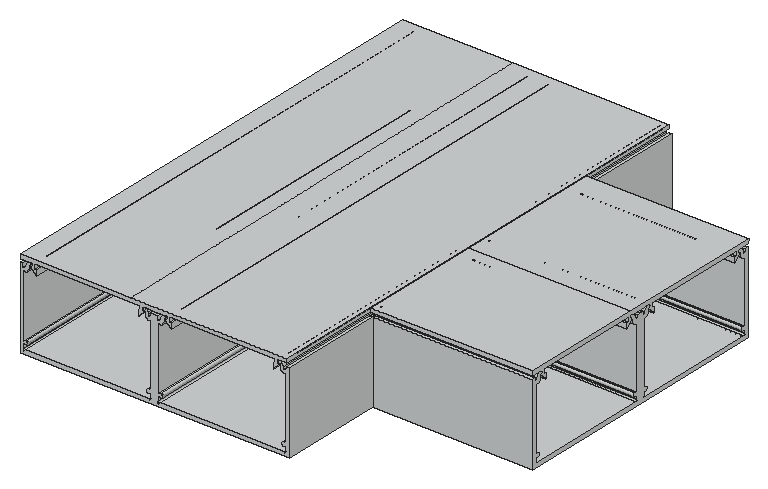
Revit family "Specialty_Equipment-Metal_Raceway-Hubbell_Wiring-Tee-HBLALU5015", category Specialty Equipment, host Face, Revit 2015
Parameters (values of type "HBLALU5015")
  URL = "http://www.hubbell-wiring.com/"
  Product data url = "https://bimobject.com/hubbellwiring/product/hubbell-metal-raceway-alu5000"
  Product Page URL = "http://ecatalog.hubbell-wiring.com/ProductInformation/ViewCatalog.aspx?Dest=hubbell-wiring.com/press/catalog/r.pdf"
  Product Documentation Link = "http://www.hubbell-wiring.com/press/pdfs/h5233r08.pdf"
  Model = "HBLALU5015"  # constant formula
  Manufacturer = "Hubbell Wiring Device Kellems"  # constant formula
  Host Note = "Add in Section View; Host to Wall"  # constant formula
  Description = "Tee"  # constant formula
  Default Elevation = 48.00"
  Cable Tray Material = Metal-Hubbell-Aluminum
  B = 8.08"
  Assembly Code = "D5090900"
  A = 9.00"
Reference planes (in)
  plane 1 "Center (Front/Back)": y = 0
  plane 2: z = 0
  plane 3 "Center (Left/Right)": x = 0
  plane 4: x = 2.54
  plane 5: y = -4.5
  plane 6: y = -9
  plane 7: x = 8.08
  plane 8: y = -6
  plane 9: y = -3
  plane 10: y = -1.5
  plane 11: y = -7.5
  plane 12: x = 5.08
  plane 13: x = 2.54
  plane 14: y = -1.96
  plane 15: y = -7.04
  plane 16: z = 1.66
  plane 17: z = 1.66
  plane 18: x = 5.08
Forms (in)
  Extrusion 1, solid, material "Metal-Hubbell-Aluminum" <- "Cable Tray Material"
    sketch origin (0, 0, 0) x (1, 0, 0) y (0, 0, 1)
      loop
        line (5.02263, 1.66) -> (2.08, 1.66) -> (0, 1.66) -> (0, 1.58519) -> (0.20605, 1.58519)
        arc (0.20605, 1.58519) -> (0.23356, 1.54322) -> (0.1907, 1.51711) r 0.03491
        line (0.1907, 1.51711) -> (0.3063, 1.40151) -> (0.3063, 1.50539) -> (0.27431, 1.50539) -> (0.27431, 1.58519) -> (2.25819, 1.58519) -> (2.25819, 1.50539) -> (2.2262, 1.50539) -> (2.2262, 1.40151) -> (2.34067, 1.51598)
        arc (2.34067, 1.51598) -> (2.30559, 1.55081) -> (2.3405, 1.58581) r 0.03491
        line (2.3405, 1.58581) -> (2.54, 1.58581) -> (2.74605, 1.58519)
        arc (2.74605, 1.58519) -> (2.77356, 1.54322) -> (2.7307, 1.51711) r 0.03491
        line (2.7307, 1.51711) -> (2.8463, 1.40151) -> (2.8463, 1.50539) -> (2.81431, 1.50539) -> (2.81431, 1.58519) -> (4.79819, 1.58519) -> (4.79819, 1.50539) -> (4.7662, 1.50539) -> (4.7662, 1.40151) -> (4.88067, 1.51598)
        arc (4.88067, 1.51598) -> (4.84559, 1.55081) -> (4.8805, 1.58581) r 0.03491
        line (4.8805, 1.58581) -> (5.02263, 1.58581) -> (5.02263, 1.66)
      loop
        line (2.08, 0) -> (5.08, 0) -> (5.08, 1.52447) -> (5.02263, 1.52447) -> (5.02263, 1.46462) -> (4.96028, 1.46462) -> (4.96028, 1.49617)
        arc (4.96028, 1.49617) -> (4.93965, 1.551) -> (4.88799, 1.57862) r 0.08316
        arc (4.88799, 1.57862) -> (4.85884, 1.54733) -> (4.89794, 1.53) r 0.02625
        line (4.89794, 1.53) -> (4.89794, 1.47958)
        arc (4.89794, 1.47958) -> (4.92919, 1.41749) -> (4.99769, 1.40561) r 0.07731
        line (4.99769, 1.40561) -> (4.99769, 0.23067) -> (4.95903, 0.23067)
        arc (4.95903, 0.23067) -> (4.92786, 0.1995) -> (4.95903, 0.16833) r 0.03117
        line (4.95903, 0.16833) -> (4.99769, 0.16833) -> (4.99769, 0.09738)
        arc (4.99769, 0.09738) -> (5.0082, 0.0643) -> (4.97512, 0.07481) r 0.01955
        line (4.97512, 0.07481) -> (2.63738, 0.07481)
        arc (2.63738, 0.07481) -> (2.60353, 0.06353) -> (2.61481, 0.09738) r 0.01995
        line (2.61481, 0.09738) -> (2.61481, 0.16833) -> (2.65347, 0.16833)
        arc (2.65347, 0.16833) -> (2.68464, 0.1995) -> (2.65347, 0.23067) r 0.03117
        line (2.65347, 0.23067) -> (2.61481, 0.23067) -> (2.61481, 1.40561)
        arc (2.61481, 1.40561) -> (2.68331, 1.41749) -> (2.71456, 1.47958) r 0.07731
        line (2.71456, 1.47958) -> (2.71456, 1.53)
        arc (2.71456, 1.53) -> (2.75354, 1.54743) -> (2.72437, 1.5786) r 0.02622
        arc (2.72437, 1.5786) -> (2.6728, 1.55094) -> (2.65222, 1.49617) r 0.08316
        line (2.65222, 1.49617) -> (2.65222, 1.46462) -> (2.58987, 1.46462) -> (2.58987, 1.52447) -> (2.54, 1.52447) -> (2.45769, 1.52447) -> (2.45769, 1.46462) -> (2.42028, 1.46462) -> (2.42028, 1.49617)
        arc (2.42028, 1.49617) -> (2.39965, 1.551) -> (2.34799, 1.57862) r 0.08316
        arc (2.34799, 1.57862) -> (2.31884, 1.54733) -> (2.35794, 1.53) r 0.02625
        line (2.35794, 1.53) -> (2.35794, 1.47958)
        arc (2.35794, 1.47958) -> (2.38919, 1.41749) -> (2.45769, 1.40561) r 0.07731
        line (2.45769, 1.40561) -> (2.45769, 0.23067) -> (2.41903, 0.23067)
        arc (2.41903, 0.23067) -> (2.38786, 0.1995) -> (2.41903, 0.16833) r 0.03117
        line (2.41903, 0.16833) -> (2.45769, 0.16833) -> (2.45769, 0.09738)
        arc (2.45769, 0.09738) -> (2.4682, 0.0643) -> (2.43512, 0.07481) r 0.01955
        line (2.43512, 0.07481) -> (0.09738, 0.07481)
        arc (0.09738, 0.07481) -> (0.06353, 0.06353) -> (0.07481, 0.09738) r 0.01995
        line (0.07481, 0.09738) -> (0.07481, 0.16833) -> (0.11347, 0.16833)
        arc (0.11347, 0.16833) -> (0.14464, 0.1995) -> (0.11347, 0.23067) r 0.03117
        line (0.11347, 0.23067) -> (0.07481, 0.23067) -> (0.07481, 1.40561)
        arc (0.07481, 1.40561) -> (0.14331, 1.41749) -> (0.17456, 1.47958) r 0.07731
        line (0.17456, 1.47958) -> (0.17456, 1.53)
        arc (0.17456, 1.53) -> (0.21354, 1.54743) -> (0.18437, 1.5786) r 0.02622
        arc (0.18437, 1.5786) -> (0.1328, 1.55094) -> (0.11222, 1.49617) r 0.08316
        line (0.11222, 1.49617) -> (0.11222, 1.46462) -> (0.04988, 1.46462) -> (0.04988, 1.52447) -> (0, 1.52447) -> (0, 0) -> (2.08, 0)
    from 0 to 9 <- "A"
  Extrusion 2, solid, material "Metal-Hubbell-Aluminum" <- "Cable Tray Material"
    sketch origin (0, -0.63252, -0.07542) x (0, 1, 0) y (0, 0, 1)
      loop
        line (-1.32748, 1.73542) -> (-4.09726, 1.73542) -> (-6.40748, 1.73542) -> (-6.40748, 1.6606) -> (-6.20143, 1.6606)
        arc (-6.20143, 1.6606) -> (-6.17392, 1.61863) -> (-6.21678, 1.59253) r 0.03491
        line (-6.21678, 1.59253) -> (-6.10118, 1.47692) -> (-6.10118, 1.5808) -> (-6.13317, 1.5808) -> (-6.13317, 1.6606) -> (-4.14929, 1.6606) -> (-4.14929, 1.5808) -> (-4.18128, 1.5808) -> (-4.18128, 1.47692) -> (-4.06681, 1.5914)
        arc (-4.06681, 1.5914) -> (-4.10189, 1.62622) -> (-4.06698, 1.66122) r 0.03491
        line (-4.06698, 1.66122) -> (-3.86748, 1.66122) -> (-3.66143, 1.6606)
        arc (-3.66143, 1.6606) -> (-3.63392, 1.61863) -> (-3.67678, 1.59253) r 0.03491
        line (-3.67678, 1.59253) -> (-3.56118, 1.47692) -> (-3.56118, 1.5808) -> (-3.59317, 1.5808) -> (-3.59317, 1.6606) -> (-1.60929, 1.6606) -> (-1.60929, 1.5808) -> (-1.64128, 1.5808) -> (-1.64128, 1.47692) -> (-1.52681, 1.5914)
        arc (-1.52681, 1.5914) -> (-1.56189, 1.62622) -> (-1.52698, 1.66122) r 0.03491
        line (-1.52698, 1.66122) -> (-1.32748, 1.66122) -> (-1.32748, 1.73542)
      loop
        line (-4.09726, 0.07542) -> (-1.32748, 0.07542) -> (-1.32748, 1.59989) -> (-1.38486, 1.59989) -> (-1.38486, 1.54004) -> (-1.4472, 1.54004) -> (-1.4472, 1.57159)
        arc (-1.4472, 1.57159) -> (-1.46783, 1.62641) -> (-1.51949, 1.65404) r 0.08316
        arc (-1.51949, 1.65404) -> (-1.54864, 1.62274) -> (-1.50954, 1.60542) r 0.02625
        line (-1.50954, 1.60542) -> (-1.50954, 1.555)
        arc (-1.50954, 1.555) -> (-1.47829, 1.4929) -> (-1.40979, 1.48102) r 0.07731
        line (-1.40979, 1.48102) -> (-1.40979, 0.30609) -> (-1.44845, 0.30609)
        arc (-1.44845, 0.30609) -> (-1.47962, 0.27492) -> (-1.44845, 0.24374) r 0.03117
        line (-1.44845, 0.24374) -> (-1.40979, 0.24374) -> (-1.40979, 0.1728)
        arc (-1.40979, 0.1728) -> (-1.39928, 0.13971) -> (-1.43236, 0.15023) r 0.01955
        line (-1.43236, 0.15023) -> (-3.7701, 0.15023)
        arc (-3.7701, 0.15023) -> (-3.80395, 0.13894) -> (-3.79267, 0.1728) r 0.01995
        line (-3.79267, 0.1728) -> (-3.79267, 0.24374) -> (-3.75401, 0.24374)
        arc (-3.75401, 0.24374) -> (-3.72284, 0.27492) -> (-3.75401, 0.30609) r 0.03117
        line (-3.75401, 0.30609) -> (-3.79267, 0.30609) -> (-3.79267, 1.48102)
        arc (-3.79267, 1.48102) -> (-3.72417, 1.4929) -> (-3.69292, 1.555) r 0.07731
        line (-3.69292, 1.555) -> (-3.69292, 1.60542)
        arc (-3.69292, 1.60542) -> (-3.65394, 1.62284) -> (-3.68311, 1.65402) r 0.02622
        arc (-3.68311, 1.65402) -> (-3.73468, 1.62636) -> (-3.75526, 1.57159) r 0.08316
        line (-3.75526, 1.57159) -> (-3.75526, 1.54004) -> (-3.81761, 1.54004) -> (-3.81761, 1.59989) -> (-3.86748, 1.59989) -> (-3.92486, 1.59989) -> (-3.92486, 1.54004) -> (-3.9872, 1.54004) -> (-3.9872, 1.57159)
        arc (-3.9872, 1.57159) -> (-4.00783, 1.62641) -> (-4.05949, 1.65404) r 0.08316
        arc (-4.05949, 1.65404) -> (-4.08864, 1.62274) -> (-4.04954, 1.60542) r 0.02625
        line (-4.04954, 1.60542) -> (-4.04954, 1.555)
        arc (-4.04954, 1.555) -> (-4.01829, 1.4929) -> (-3.94979, 1.48102) r 0.07731
        line (-3.94979, 1.48102) -> (-3.94979, 0.30609) -> (-3.98845, 0.30609)
        arc (-3.98845, 0.30609) -> (-4.01962, 0.27492) -> (-3.98845, 0.24374) r 0.03117
        line (-3.98845, 0.24374) -> (-3.94979, 0.24374) -> (-3.94979, 0.1728)
        arc (-3.94979, 0.1728) -> (-3.93928, 0.13971) -> (-3.97236, 0.15023) r 0.01955
        line (-3.97236, 0.15023) -> (-6.3101, 0.15023)
        arc (-6.3101, 0.15023) -> (-6.34395, 0.13894) -> (-6.33267, 0.1728) r 0.01995
        line (-6.33267, 0.1728) -> (-6.33267, 0.24374) -> (-6.29401, 0.24374)
        arc (-6.29401, 0.24374) -> (-6.26284, 0.27492) -> (-6.29401, 0.30609) r 0.03117
        line (-6.29401, 0.30609) -> (-6.33267, 0.30609) -> (-6.33267, 1.48102)
        arc (-6.33267, 1.48102) -> (-6.26417, 1.4929) -> (-6.23292, 1.555) r 0.07731
        line (-6.23292, 1.555) -> (-6.23292, 1.60542)
        arc (-6.23292, 1.60542) -> (-6.19394, 1.62284) -> (-6.22311, 1.65402) r 0.02622
        arc (-6.22311, 1.65402) -> (-6.27468, 1.62636) -> (-6.29526, 1.57159) r 0.08316
        line (-6.29526, 1.57159) -> (-6.29526, 1.54004) -> (-6.35761, 1.54004) -> (-6.35761, 1.59989) -> (-6.40748, 1.59989) -> (-6.40748, 0.07542) -> (-4.09726, 0.07542)
    from 5.02263 to 8.08
  Extrusion 3, solid, material "Metal-Hubbell-Aluminum" <- "Cable Tray Material"
    sketch origin (0, 0, 0) x (0, 1, 0) y (0, 0, 1)
      loop
        circle (-3, 0.72481) r 0.5
    from 2.45769 to 5.02263
  Extrusion 4, void, detail levels medium+fine
    sketch origin (0, 0, 0) x (0, 1, 0) y (0, 0, 1)
      loop
        circle (-3, 0.72481) r 0.35
    from 2.45769 to 5.08
  Extrusion 5, void, detail levels medium+fine
    sketch origin (0, -12, 0) x (0, -1, 0) y (0, 0, -1)
      loop
        circle (-6, -0.72481) r 0.35
    from 4.99769 to 5.08
Cuts and joins
  Extrusion 4, Extrusion 5 cuts Extrusion 1
  Extrusion 4, Extrusion 5 cuts Extrusion 3
  joined: Extrusion 1, Extrusion 3
Lines and regions (in)
  symbolic lines, style "Symbolic lines"
    curve 1: line (0, -9, 0) -> (0, 0, 0)
    curve 2: line (0, 0, 0) -> (5.08, 0, 0)
    curve 3: line (5.08, 0, 0) -> (5.08, -1.96, 0)
    curve 4: line (5.08, -1.96, 0) -> (8.08, -1.96, 0)
    curve 5: line (8.08, -1.96, 0) -> (8.08, -7.04, 0)
    curve 6: line (8.08, -7.04, 0) -> (5.08, -7.04, 0)
    curve 7: line (5.08, -7.04, 0) -> (5.08, -9, 0)
    curve 8: line (5.08, -9, 0) -> (0, -9, 0)
    curve 9: line (0, 0, 1.66) -> (8.08, 0, 1.66)
    curve 10: line (0, 0, 0) -> (0, 0, 1.66)
    curve 11: line (8.08, 0, 0) -> (0, 0, 0)
    curve 12: line (8.08, 0, 1.66) -> (8.08, 0, 0)
    curve 14: line (0, 0, 1.66) -> (0, -9, 1.66)
    curve 15: line (0, 0, 0) -> (0, 0, 1.66)
    curve 16: line (0, -9, 0) -> (0, 0, 0)
    curve 17: line (0, -9, 1.66) -> (0, -9, 0)
  symbolic lines, style "Symbolic lines", detail levels medium+fine
    curve 13: line (5.02263, 0, 1.66) -> (5.02263, 0, 0)
    curve 18: line (0, -1.5, 0) -> (0, -1.5, 1.66)
    curve 19: line (0, -7.5, 1.66) -> (0, -7.5, 0)
    curve 20: line (2.54, 0, 1.66) -> (2.54, 0, 0)
    curve 21: line (0, -4.5, 1.66) -> (0, -4.5, 0)
Dimensions and locks (in)
  plane 4 to plane 3 "Center (Left/Right)" = 2.54"
  "A": plane 6 to plane 1 "Center (Front/Back)"  (x2)
  equal spacing: plane 6, plane 5, plane 1 "Center (Front/Back)"  (x2)
  plane 7 to plane 3 "Center (Left/Right)" = 8.08"
  "B": plane 3 "Center (Left/Right)" to plane 7
  plane 9 to plane 5 = 1.50"
  plane 8 to plane 5 = 1.50"
  locked: Extrusion 5 sketch curve to plane 8 at 0
  locked: Extrusion 4 sketch curve to plane 9 at 0
  equal spacing: plane 9, plane 10, plane 1 "Center (Front/Back)"
  equal spacing: plane 6, plane 11, plane 8
  locked: Extrusion 3 sketch curve to plane 9 at 0
  locked: plane 12 to plane 3 "Center (Left/Right)" at 5.08
  locked: plane 12 to plane 13 at 2.54
  locked: plane 5 to plane 15 at 2.54
  locked: plane 14 to plane 5 at 2.54
  locked: plane 16 to level at 1.66
  locked: plane 17 to level at 1.66
  equal spacing: plane 3 "Center (Left/Right)", plane 4, cut or joined group of Extrusion 1, Extrusion 3, Extrusion 4, Extrusion 5
  aligned and locked: plane 2 to host face
  aligned and locked: level to host face
  aligned and locked: curve 12 to Extrusion 2
  aligned and locked: Extrusion 2 to curve 13
  aligned and locked: curve 20 to plane 4
  aligned and locked: plane 5 to curve 21
  aligned and locked: Extrusion 1 to plane 1 "Center (Front/Back)"
  aligned and locked: plane 6 to Extrusion 1
  aligned and locked: plane 7 to Extrusion 2
  aligned and locked: plane 1 "Center (Front/Back)" to curve 2
  aligned and locked: curve 8 to plane 6
  aligned and locked: plane 3 "Center (Left/Right)" to curve 1
  aligned and locked: curve 5 to plane 7
  aligned and locked: plane 2 to curve 11
  aligned and locked: plane 3 "Center (Left/Right)" to curve 10
  aligned and locked: curve 16 to plane 2
  aligned and locked: Extrusion 1 to plane 3 "Center (Left/Right)"
  aligned and locked: plane 14 to Extrusion 2 sketch curve
  aligned and locked: Extrusion 2 sketch curve to plane 15
  aligned and locked: plane 16 to Extrusion 1 sketch curve  (x2)
  aligned and locked: plane 16 to curve 14
  aligned and locked: curve 15 to plane 1 "Center (Front/Back)"
  aligned and locked: plane 6 to curve 17
  aligned and locked: plane 11 to curve 19
  aligned and locked: curve 18 to plane 10
  aligned and locked: curve 3 to cut or joined group of Extrusion 1, Extrusion 3, Extrusion 4, Extrusion 5
  aligned and locked: curve 7 to cut or joined group of Extrusion 1, Extrusion 3, Extrusion 4, Extrusion 5
  aligned and locked: curve 4 to Extrusion 2
  aligned and locked: curve 6 to Extrusion 2
  aligned and locked: plane 18 to cut or joined group of Extrusion 1, Extrusion 3, Extrusion 4, Extrusion 5
Automatic sketch dimensions
  host sketch curve to host sketch curve = 96.00"  (x2)
  Extrusion 1 sketch curve to plane 3 "Center (Left/Right)" = 0.00"  (x2)
  Extrusion 1 sketch curve to level = 0.00"
  Extrusion 1 sketch curve to plane 13 = 0.00"  (x3)
  Extrusion 1 sketch curve to plane 12 = 0.00"
  plane 3 "Center (Left/Right)" to Extrusion 1 sketch curve = 0.04988"
  plane 3 "Center (Left/Right)" to Extrusion 1 sketch curve = 0.07481"
  Extrusion 1 sketch curve to Extrusion 1 sketch curve = 0.00"  (x8)
  Extrusion 1 sketch curve to Extrusion 1 sketch curve = 0.00282"  (x4)
  Extrusion 1 sketch curve to Extrusion 1 sketch curve = 0.04738"  (x3)
  Extrusion 1 sketch curve to Extrusion 1 sketch curve = 0.01975"  (x2)
  Extrusion 1 sketch curve to Extrusion 1 sketch curve = 0.01496"  (x8)
  Extrusion 1 sketch curve to Extrusion 1 sketch curve = 0.03865"  (x4)
  Extrusion 1 sketch curve to Extrusion 1 sketch curve = 0.06234"  (x4)
  Extrusion 1 sketch curve to Extrusion 1 sketch curve = 0.00981"  (x2)
  Extrusion 1 sketch curve to Extrusion 1 sketch curve = 0.00347"  (x2)
  Extrusion 1 sketch curve to Extrusion 1 sketch curve = 0.01614"  (x2)
  Extrusion 1 sketch curve to Extrusion 1 sketch curve = 0.00468"  (x2)
  Extrusion 1 sketch curve to Extrusion 1 sketch curve = 0.01166"  (x2)
  Extrusion 1 sketch curve to Extrusion 1 sketch curve = 0.02168"  (x2)
  Extrusion 1 sketch curve to Extrusion 1 sketch curve = 0.06827"
  Extrusion 1 sketch curve to Extrusion 1 sketch curve = 0.03199"  (x4)
  Extrusion 1 sketch curve to plane 13 = 0.46"  (x2)
  Extrusion 1 sketch curve to Extrusion 1 sketch curve = 0.1462"
  Extrusion 1 sketch curve to Extrusion 1 sketch curve = 0.07893"  (x3)
  Extrusion 1 sketch curve to Extrusion 1 sketch curve = 0.08231"
  Extrusion 1 sketch curve to Extrusion 1 sketch curve = 0.00355"  (x2)
  Extrusion 1 sketch curve to Extrusion 1 sketch curve = 0.00406"  (x2)
  Extrusion 1 sketch curve to Extrusion 1 sketch curve = 0.00749"  (x2)
  Extrusion 1 sketch curve to Extrusion 1 sketch curve = 0.01726"  (x2)
  Extrusion 1 sketch curve to plane 13 = 0.12097"
  Extrusion 1 sketch curve to Extrusion 1 sketch curve = 0.01608"  (x2)
  Extrusion 1 sketch curve to Extrusion 1 sketch curve = 0.01927"  (x2)
  Extrusion 1 sketch curve to Extrusion 1 sketch curve = 0.03741"  (x2)
  Extrusion 1 sketch curve to Extrusion 1 sketch curve = 0.00331"  (x3)
  plane 13 to Extrusion 1 sketch curve = 0.04987"
  plane 13 to Extrusion 1 sketch curve = 0.07481"
  Extrusion 1 sketch curve to Extrusion 1 sketch curve = 0.02494"
  Extrusion 1 sketch curve to plane 12 = 0.3138"
  Extrusion 1 sketch curve to Extrusion 1 sketch curve = 0.00338"
  Extrusion 1 sketch curve to plane 12 = 0.12097"
  Extrusion 1 sketch curve to plane 12 = 0.05737"
  level to Extrusion 1 sketch curve = 0.07481"  (x2)
  Extrusion 1 sketch curve to Extrusion 1 sketch curve = 0.07094"  (x4)
  Extrusion 1 sketch curve to Extrusion 1 sketch curve = 0.03117"  (x4)
  Extrusion 1 sketch curve to Extrusion 1 sketch curve = 0.0041"  (x3)
  Extrusion 1 sketch curve to Extrusion 1 sketch curve = 0.01659"  (x4)
  Extrusion 1 sketch curve to Extrusion 1 sketch curve = 0.00922"  (x3)
  Extrusion 1 sketch curve to Extrusion 1 sketch curve = 0.10388"
  Extrusion 1 sketch curve to Extrusion 1 sketch curve = 0.01981"  (x2)
  Extrusion 1 sketch curve to Extrusion 1 sketch curve = 0.0129"  (x2)
  Extrusion 1 sketch curve to Extrusion 1 sketch curve = 0.05985"  (x3)
  Extrusion 1 sketch curve to Extrusion 1 sketch curve = 0.0017"  (x2)
  Extrusion 1 sketch curve to Extrusion 1 sketch curve = 0.00172"  (x2)
  Extrusion 1 sketch curve to Extrusion 1 sketch curve = 0.0798"
  Extrusion 1 sketch curve to Extrusion 1 sketch curve = 0.07419"
  Extrusion 2 sketch curve to Extrusion 2 sketch curve = 0.00"  (x10)
  Extrusion 2 sketch curve to Extrusion 2 sketch curve = 0.04987"  (x2)
  Extrusion 2 sketch curve to Extrusion 2 sketch curve = 0.07481"  (x4)
  Extrusion 2 sketch curve to Extrusion 2 sketch curve = 0.02494"
  Extrusion 2 sketch curve to Extrusion 2 sketch curve = 0.00282"  (x4)
  Extrusion 2 sketch curve to Extrusion 2 sketch curve = 0.04738"  (x4)
  Extrusion 2 sketch curve to Extrusion 2 sketch curve = 0.01975"  (x2)
  Extrusion 2 sketch curve to Extrusion 2 sketch curve = 0.01496"  (x8)
  Extrusion 2 sketch curve to Extrusion 2 sketch curve = 0.03865"  (x5)
  Extrusion 2 sketch curve to Extrusion 2 sketch curve = 0.06234"  (x4)
  Extrusion 2 sketch curve to Extrusion 2 sketch curve = 0.00981"  (x2)
  Extrusion 2 sketch curve to Extrusion 2 sketch curve = 0.00347"  (x2)
  Extrusion 2 sketch curve to Extrusion 2 sketch curve = 0.01614"  (x2)
  Extrusion 2 sketch curve to Extrusion 2 sketch curve = 0.00468"  (x2)
  Extrusion 2 sketch curve to Extrusion 2 sketch curve = 0.01166"  (x2)
  Extrusion 2 sketch curve to Extrusion 2 sketch curve = 0.02168"  (x2)
  Extrusion 2 sketch curve to Extrusion 2 sketch curve = 0.07893"  (x3)
  Extrusion 2 sketch curve to Extrusion 2 sketch curve = 0.03199"  (x4)
  Extrusion 2 sketch curve to Extrusion 2 sketch curve = 1.91989"
  Extrusion 2 sketch curve to Extrusion 2 sketch curve = 0.00338"  (x2)
  Extrusion 2 sketch curve to Extrusion 2 sketch curve = 0.00355"  (x2)
  Extrusion 2 sketch curve to Extrusion 2 sketch curve = 0.00406"  (x2)
  Extrusion 2 sketch curve to Extrusion 2 sketch curve = 0.00749"  (x2)
  Extrusion 2 sketch curve to Extrusion 2 sketch curve = 0.02082"  (x2)
  Extrusion 2 sketch curve to Extrusion 2 sketch curve = 0.19284"  (x2)
  Extrusion 2 sketch curve to Extrusion 2 sketch curve = 0.01608"  (x2)
  Extrusion 2 sketch curve to Extrusion 2 sketch curve = 0.01927"  (x2)
  Extrusion 2 sketch curve to Extrusion 2 sketch curve = 0.17241"
  Extrusion 2 sketch curve to Extrusion 2 sketch curve = 0.14417"
  Extrusion 2 sketch curve to Extrusion 2 sketch curve = 0.22978"
  Extrusion 2 sketch curve to Extrusion 2 sketch curve = 0.05737"  (x2)
  Extrusion 2 sketch curve to Extrusion 2 sketch curve = 0.15712"
  Extrusion 2 sketch curve to Extrusion 2 sketch curve = 0.06827"
  Extrusion 2 sketch curve to Extrusion 2 sketch curve = 0.00331"  (x3)
  Extrusion 2 sketch curve to Extrusion 2 sketch curve = 0.08562"
  Extrusion 2 sketch curve to Extrusion 2 sketch curve = 0.07094"  (x4)
  Extrusion 2 sketch curve to Extrusion 2 sketch curve = 0.03117"  (x4)
  Extrusion 2 sketch curve to Extrusion 2 sketch curve = 1.17083"
  Extrusion 2 sketch curve to Extrusion 2 sketch curve = 0.0041"  (x3)
  Extrusion 2 sketch curve to Extrusion 2 sketch curve = 0.01659"  (x4)
  Extrusion 2 sketch curve to Extrusion 2 sketch curve = 0.00922"  (x4)
  Extrusion 2 sketch curve to Extrusion 2 sketch curve = 0.01981"  (x2)
  Extrusion 2 sketch curve to Extrusion 2 sketch curve = 0.0129"  (x2)
  Extrusion 2 sketch curve to Extrusion 2 sketch curve = 0.05985"  (x3)
  Extrusion 2 sketch curve to Extrusion 2 sketch curve = 0.0017"  (x2)
  Extrusion 2 sketch curve to Extrusion 2 sketch curve = 0.00172"  (x2)
  Extrusion 2 sketch curve to Extrusion 2 sketch curve = 0.0798"
  Extrusion 1 sketch curve to plane 16 = 0.25849"
  Extrusion 1 sketch curve to Extrusion 1 sketch curve = 0.18368"
  Extrusion 2 sketch curve to level = 0.00"
  Extrusion 2 sketch curve to plane 16 = 0.25849"
  Extrusion 3 sketch curve to plane 16 = 0.93519"
  Extrusion 4 sketch curve to plane 16 = 0.93519"
  plane 16 to Extrusion 5 sketch curve = 0.93519"
  curve 9 to plane 16 = 0.00"
  Extrusion 2 sketch curve to plane 16 = 0.00"
  radius of Extrusion 3 sketch curve = 0.50"
  radius of Extrusion 4 sketch curve = 0.35"
  radius of Extrusion 5 sketch curve = 0.35"
